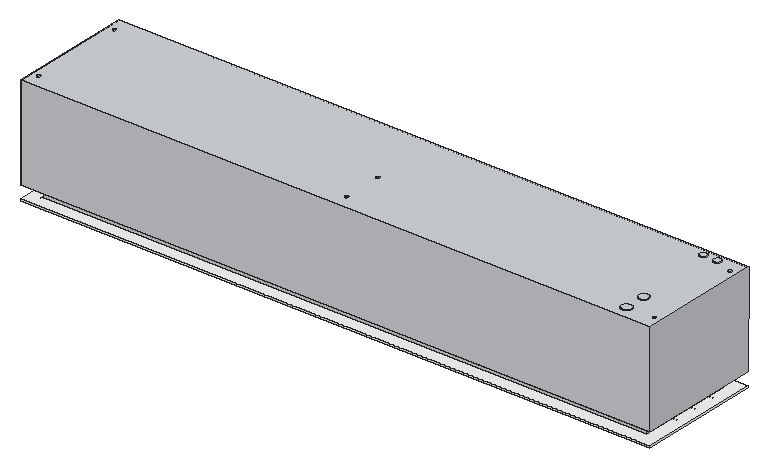
Revit family "T2000R", category Mechanical Equipment, host Ceiling, Revit 2015
Parameters (values of type "T2000W24R 60/40")
  Width = 436 mm
  Weight (kg) = "53"
  Warranty = "Unit flly covered for 2 years from the date of purchase unless the warranty is made void"
  Version = "1.0"
  URL = "http://www.thermoscreens.com/"
  Type Comments = "n/a"
  TempertureClassification = "Low temperture"
  Supply (50Hz) = "230v~3P&N"
  ProductFinish = "Corrision resistent pre-finish white 9000 20 gauge sheet metal"
  Product URL = "http://www.thermoscreens.com/our-product-range/t-range"
  Noise Level dB (A)@ 3m Med = "55"
  Noise Level dB (A)@ 3m Low = "57"
  Noise Level dB (A)@ 3m High = "59"
  Model = "T2000W24R 60/40"
  Max. velocity = "6.5"
  Material = "20g sheet metal"
  Manufacturer = "Thermoscreens"
  Loading(A)*perPhase = "2.0"
  Max. Air Volume (m3/h) = "3950"
  Keynote = "n/a"
  IssueDate = "08/05/2015"
  Heat output (kW) = "24"
  Max ofset = "3 meters from the grill"
  Length = 2240 mm
  HeatSource = "Electric heated elemnts or low pressure hot water coils"
  Fans = "Forward cureved metal bladed crossflow impelllers"
  Description = "Thermoscreens T range air curtains have become the industry standard to meet a wide range of requirements for both commercial and retail environments. The air curtains will provide climate separation for entrances up to 3m in height and available in standard widths of 1, 1.5 and 2m.  Models available are ambient (without heating), electrical or water heated versions. Electrical and LPHW models are supplied complete with Ecopower control."
  Created by = "Daniel Smith"
  Cost = 0
  ContactUs = "http://www.thermoscreens.com/contact-us"
  Center Y = Width / 2  # 218 mm
  Center X = Length / 2  # 1120 mm
  Boundary work space = no
  Assembly Code = "n/a"
  Air flow = no
Types (5, lengths in mm): name | Weight (kg) | Warranty | TempertureClassification | Supply (50Hz) | ProductFinish | Model | Max. velocity | Loading(A)*perPhase | Max. Air Volume (m3/h) | IssueDate | Heat output (kW) | Max ofset | HeatSource | Fans
  T2000E18R | "52" | "Unit fully covered for date of purchase for 2 years inc parts and labour unless the warranty is made void" | "LowTemperture" | "400v~3P&N" | "Corrision resistent pre-finish white 9010 20 gauge sheet metal" | "T2000E18R" | "7.5" | "28.1" | "4000" | "07/25/2015" | "12/18" | "3 meters high from the grill" | "Electric heated elements or low pressure hot water coils" | "Forward curved metal bladed crossflow impellers"
  T2000E24R | "52" | "Unit flly covered for 2 years from the date of purchase unless the warranty is made void" | "Low temperture" | "400v~3P&N" | "Corrision resistent pre-finish white 9000 20 gauge sheet metal" | "T2000E24R" | "7.5" | "36.8" | "4000" | "08/05/2015" | "12/24" | "3 meters from the grill" | "Electric heated elemnts or low pressure hot water coils" | "Forward cureved metal bladed crossflow impelllers"
  T2000AR | "50" | "Unit flly covered for 2 years from the date of purchase unless the warranty is made void" | "Low temperture" | "230v~3P&N" | "Corrision resistent pre-finish white 9000 20 gauge sheet metal" | "T2000AR" | "7.5" | "2.0" | "4000" | "08/05/2015" | "n/a" | "3 meters from the grill" | "Electric heated elemnts or low pressure hot water coils" | "Forward cureved metal bladed crossflow impelllers"
  T2000W24R 82/71 | "53" | "Unit flly covered for 2 years from the date of purchase unless the warranty is made void" | "Low temperture" | "230v~3P&N" | "Corrision resistent pre-finish white 9000 20 gauge sheet metal" | "T2000W24R 82/71" | "7.0" | "2.0" | "3950" | "08/05/2015" | "24" | "3 meters from the grill" | "Electric heated elemnts or low pressure hot water coils" | "Forward cureved metal bladed crossflow impelllers"
  T2000W24R 60/40 | "53" | "Unit flly covered for 2 years from the date of purchase unless the warranty is made void" | "Low temperture" | "230v~3P&N" | "Corrision resistent pre-finish white 9000 20 gauge sheet metal" | "T2000W24R 60/40" | "6.5" | "2.0" | "3950" | "08/05/2015" | "24" | "3 meters from the grill" | "Electric heated elemnts or low pressure hot water coils" | "Forward cureved metal bladed crossflow impelllers"
Reference planes
  plane 1 "Center (Front/Back)": y = 0
  plane 2: z = 0
  plane 3 "Center (Left/Right)": x = 0
  plane 4 "Ceiling": z = 0
  plane 5: y = 218
  plane 6: y = -218
  plane 7: x = 1120
  plane 8: x = -1120
  plane 9: y = 168
  plane 10: y = -168
  plane 11: x = 1072.5
  plane 12: x = -1072.5
  plane 13: z = -7
Forms (mm)
  Extrusion 1, solid, material "grill"
    sketch origin (0, 4, -7) x (0, 1, 0) y (-1, 0, 0)
      loop
        line (218, 1120) -> (-218, 1120) -> (-218, -1120) -> (218, -1120) -> (218, 1120)
    from 0 to 7
  Extrusion 2, solid
    sketch origin (0, 0, -7) x (0, 1, 0) y (-1, 0, 0)
      loop
        line (168, 1072.5) -> (-168, 1072.5) -> (-168, -1072.5) -> (168, -1072.5) -> (168, 1072.5)
    from 7 to 50
  Extrusion 3, solid
    sketch origin (1120, 245, 0) x (0, -1, 0) y (0, 0, -1)
      loop
        line (459, -43) -> (23, -43) -> (23, -378.099) -> (459, -378.099) -> (459, -43)
    from 0 to -1.2
  Extrusion 4, solid
    sketch origin (-1120, 191, 0) x (1, 0, 0) y (0, 0, -1)
      loop
        line (2240, -43) -> (0, -43) -> (0, -378.099) -> (2240, -378.099) -> (2240, -43)
    from 31 to 29.8
  Extrusion 5, solid
    sketch origin (-1120, -245, 0) x (0, 1, 0) y (0, 0, -1)
      loop
        line (467, -378.099) -> (467, -43) -> (31, -43) -> (31, -378.099) -> (467, -378.099)
    from 0 to -1.2
  Extrusion 6, solid
    sketch origin (1120, -191, 0) x (-1, 0, 0) y (0, 0, -1)
      loop
        line (2240, -43) -> (0, -43) -> (0, -378.099) -> (2240, -378.099) -> (2240, -43)
    from 23 to 21.8
  Extrusion 7, solid
    sketch origin (1120, -240, 378.099) x (0, 1, 0) y (-1, 0, 0)
      loop
        line (26, 0) -> (462, 0) -> (462, 2240) -> (26, 2240) -> (26, 0)
    from 0 to -1.2
  Extrusion 8, solid
    sketch origin (1120, -240, 376.899) x (-1, 0, 0) y (0, 1, 0)
      loop
        circle (121, 148) r 17.5
      loop
        circle (121, 72) r 17.5
    from 0 to -1.2
  Extrusion 9, solid
    sketch origin (1120, -240, 378.099) x (0, 1, 0) y (-1, 0, 0)
      loop
        circle (436.609, 90) r 12.5
      loop
        circle (436.609, 139.995) r 12.5
    from 0 to -1.2
  Extrusion 10, solid
    sketch origin (1120, -240, 378.099) x (0, 1, 0) y (-1, 0, 0)
      loop
        circle (412, 2215) r 5
      loop
        circle (76, 2215) r 5
      loop
        circle (76, 1120) r 5
      loop
        circle (412, 25) r 5
      loop
        circle (76, 25) r 5
      loop
        circle (216, 1120) r 5
    from 0 to -1.2
  Extrusion 11, void
    sketch origin (0, 4, -7) x (0, 1, 0) y (-1, 0, 0)
      loop
        line (-178, -1085) -> (-153, -1085) -> (-153, 1080) -> (-178, 1080) -> (-178, -1085)
      loop
        line (-143, 1080) -> (-143, -1085) -> (-118, -1085) -> (-118, 1080) -> (-143, 1080)
      loop
        line (-108, 1080) -> (-108, -1085) -> (-83, -1085) -> (-83, 1080) -> (-108, 1080)
      loop
        line (-63, 1080) -> (-63, -1085) -> (-58, -1085) -> (-58, 1080) -> (-63, 1080)
      loop
        line (-53, 1080) -> (-53, -1085) -> (-48, -1085) -> (-48, 1080) -> (-53, 1080)
      loop
        line (-43.066, 1080) -> (-43.066, -1085) -> (-38.066, -1085) -> (-38.066, 1080) -> (-43.066, 1080)
      loop
        line (-33.066, 1080) -> (-33.066, -1085) -> (-28.066, -1085) -> (-28.066, 1080) -> (-33.066, 1080)
      loop
        line (-23.137, 1080) -> (-23.137, -1085) -> (-18.137, -1085) -> (-18.137, 1080) -> (-23.137, 1080)
      loop
        line (-13.137, 1080) -> (-13.137, -1085) -> (-8.137, -1085) -> (-8.137, 1080) -> (-13.137, 1080)
      loop
        line (-3.203, 1080) -> (-3.203, -1085) -> (1.797, -1085) -> (1.797, 1080) -> (-3.203, 1080)
      loop
        line (6.797, 1080) -> (6.797, -1085) -> (11.797, -1085) -> (11.797, 1080) -> (6.797, 1080)
      loop
        line (17, 1080) -> (17, -1085) -> (22, -1085) -> (22, 1080) -> (17, 1080)
      loop
        line (27, 1080) -> (27, -1085) -> (32, -1085) -> (32, 1080) -> (27, 1080)
      loop
        line (36.934, 1080) -> (36.934, -1085) -> (41.934, -1085) -> (41.934, 1080) -> (36.934, 1080)
      loop
        line (46.934, 1080) -> (46.934, -1085) -> (51.934, -1085) -> (51.934, 1080) -> (46.934, 1080)
      loop
        line (56.863, 1080) -> (56.863, -1085) -> (61.863, -1085) -> (61.863, 1080) -> (56.863, 1080)
      loop
        line (66.863, 1080) -> (66.863, -1085) -> (71.863, -1085) -> (71.863, 1080) -> (66.863, 1080)
      loop
        line (76.797, 1080) -> (76.797, -1085) -> (81.797, -1085) -> (81.797, 1080) -> (76.797, 1080)
      loop
        line (86.797, 1080) -> (86.797, -1085) -> (91.797, -1085) -> (91.797, 1080) -> (86.797, 1080)
      loop
        line (96.783, 1080) -> (96.783, -1085) -> (101.783, -1085) -> (101.783, 1080) -> (96.783, 1080)
      loop
        line (106.783, 1080) -> (106.783, -1085) -> (111.783, -1085) -> (111.783, 1080) -> (106.783, 1080)
      loop
        line (116.717, 1080) -> (116.717, -1085) -> (121.717, -1085) -> (121.717, 1080) -> (116.717, 1080)
      loop
        line (126.717, 1080) -> (126.717, -1085) -> (131.717, -1085) -> (131.717, 1080) -> (126.717, 1080)
      loop
        line (136.645, 1080) -> (136.645, -1085) -> (141.645, -1085) -> (141.645, 1080) -> (136.645, 1080)
      loop
        line (146.645, 1080) -> (146.645, -1085) -> (151.645, -1085) -> (151.645, 1080) -> (146.645, 1080)
      loop
        line (156.58, 1080) -> (156.58, -1085) -> (161.58, -1085) -> (161.58, 1080) -> (156.58, 1080)
      loop
        line (166.58, 1080) -> (166.58, -1085) -> (171.58, -1085) -> (171.58, 1080) -> (166.58, 1080)
    from 0 to 5
  Extrusion 12, solid, material "Default New Material", visible <- "Boundary work space", detail levels fine
    sketch origin (1120, -240, 378.099) x (0, 1, 0) y (-1, 0, 0)
      loop
        line (962, 2740) -> (26, 2740) -> (26, 2240) -> (462, 2240) -> (462, 0) -> (26, 0) -> (26, -500) -> (962, -500) -> (962, 2740)
    from 0 to -378.1
  Extrusion 13, solid, material "Default New Material", visible <- "Air flow", detail levels fine
    sketch origin (0, 4, -7) x (-1, 0, 0) y (0, 1, 0)
      loop
        line (1080, 171.58) -> (-1085, 171.58) -> (-1085, -178) -> (1080, -178) -> (1080, 171.58)
    from 0 to 3000
  Extrusion 14, solid
    sketch origin (-1120, -191, 43) x (0, -1, 0) y (-1, 0, 0)
      loop
        line (-413, 0) -> (-413, -2240) -> (23, -2240) -> (23, 0) -> (-413, 0)
    from 0 to -1.2
Cuts and joins
  Extrusion 11 cuts Extrusion 1
  joined: Extrusion 3, Extrusion 4, Extrusion 5, Extrusion 6, Extrusion 7, Extrusion 14
Dimensions and locks
  equal spacing: host sketch curve, plane 3 "Center (Left/Right)", host sketch curve
  equal spacing: host sketch curve, plane 1 "Center (Front/Back)", host sketch curve
  host sketch curve to host sketch curve = 4000 mm  (x2)
  locked: plane 4 "Ceiling" to host ceiling at 0
  "Center X": plane 8 to plane 3 "Center (Left/Right)"
  "Center Y": plane 1 "Center (Front/Back)" to plane 6
  "Width": plane 5 to plane 6
  "Length": plane 8 to plane 7
  locked: plane 5 to plane 9 at 50
  locked: plane 6 to plane 10 at 50
  locked: plane 11 to plane 7 at 47.5
  locked: plane 8 to plane 12 at 47.5
  locked: Extrusion 3 to Extrusion 8 sketch curve at 121  (x2)
  locked: Extrusion 8 sketch curve to Extrusion 8 sketch curve at 76
  locked: Extrusion 7 to Extrusion 8 sketch curve at 46
  Extrusion 9 sketch curve to Extrusion 9 sketch curve = 49.995 mm
  Extrusion 7 to Extrusion 9 sketch curve = 25.391 mm  (x2)
  Extrusion 9 sketch curve to Extrusion 7 = 90 mm
  level to plane 13 = 7 mm
  locked: Extrusion 8 sketch curve to Extrusion 8 sketch curve (radius 17.5 mm)  (x2)
  diameter of Extrusion 9 sketch curve = 25 mm  (x2)
Automatic sketch dimensions
  plane 6 to Extrusion 1 sketch curve = 4 mm
  plane 5 to Extrusion 1 sketch curve = 4 mm
  Extrusion 1 sketch curve to plane 7 = 0 mm
  Extrusion 1 sketch curve to plane 8 = 0 mm
  Extrusion 2 sketch curve to plane 10 = 0 mm
  plane 9 to Extrusion 2 sketch curve = 0 mm
  Extrusion 2 sketch curve to plane 11 = 0 mm
  Extrusion 2 sketch curve to plane 12 = 0 mm
  Extrusion 7 sketch curve to Extrusion 3 = 0 mm  (x2)
  Extrusion 3 to Extrusion 7 sketch curve = 0 mm
  Extrusion 7 sketch curve to Extrusion 3 = 2238.8 mm
  Extrusion 1 to Extrusion 11 sketch curve = 40 mm  (x3)
  Extrusion 11 sketch curve to Extrusion 11 sketch curve = 25 mm  (x3)
  Extrusion 11 sketch curve to Extrusion 11 sketch curve = 10 mm  (x2)
  Extrusion 11 sketch curve to Extrusion 11 sketch curve = 20 mm
  Extrusion 11 sketch curve to Extrusion 11 sketch curve = 5 mm  (x36)
  Extrusion 11 sketch curve to Extrusion 11 sketch curve = 4.934 mm  (x6)
  Extrusion 11 sketch curve to Extrusion 11 sketch curve = 4.928 mm  (x3)
  Extrusion 11 sketch curve to Extrusion 11 sketch curve = 5.203 mm
  Extrusion 11 sketch curve to Extrusion 11 sketch curve = 4.986 mm
  Extrusion 1 to Extrusion 11 sketch curve = 35 mm  (x2)
  Extrusion 11 sketch curve to Extrusion 11 sketch curve = 0 mm  (x50)
  plane 5 to Extrusion 3 sketch curve = 4 mm
  plane 6 to Extrusion 3 sketch curve = 4 mm
  level to Extrusion 3 sketch curve = 378.099 mm
  level to Extrusion 3 sketch curve = 43 mm
  plane 8 to Extrusion 4 sketch curve = 0 mm
  plane 7 to Extrusion 4 sketch curve = 0 mm
  level to Extrusion 4 sketch curve = 378.099 mm
  level to Extrusion 4 sketch curve = 43 mm
  plane 6 to Extrusion 5 sketch curve = 4 mm
  plane 5 to Extrusion 5 sketch curve = 4 mm
  level to Extrusion 5 sketch curve = 378.099 mm
  level to Extrusion 5 sketch curve = 43 mm
  plane 7 to Extrusion 6 sketch curve = 0 mm
  plane 8 to Extrusion 6 sketch curve = 0 mm
  level to Extrusion 6 sketch curve = 378.099 mm
  level to Extrusion 6 sketch curve = 43 mm
  Extrusion 14 sketch curve to Extrusion 6 = 0 mm  (x2)
  Extrusion 6 to Extrusion 14 sketch curve = 0 mm
  Extrusion 6 to Extrusion 14 sketch curve = 434.8 mm
  Extrusion 7 to Extrusion 12 sketch curve = 0 mm
  Extrusion 12 sketch curve to Extrusion 7 = 0 mm  (x4)
  Extrusion 7 to Extrusion 12 sketch curve = 500 mm  (x2)
  Extrusion 12 sketch curve to Extrusion 12 sketch curve = 500 mm
  Extrusion 1 to Extrusion 13 sketch curve = 40 mm  (x2)
  Extrusion 1 to Extrusion 13 sketch curve = 46.42 mm
  Extrusion 1 to Extrusion 13 sketch curve = 35 mm
  Extrusion 10 sketch curve to Extrusion 10 sketch curve = 140 mm
  Extrusion 10 sketch curve to Extrusion 10 sketch curve = 0 mm
  Extrusion 10 sketch curve to Extrusion 7 = 50 mm  (x5)
  Extrusion 10 sketch curve to Extrusion 10 sketch curve = 1095 mm
  Extrusion 10 sketch curve to Extrusion 7 = 25 mm  (x4)
  radius of Extrusion 10 sketch curve = 5 mm  (x6)
Connectors
  piping at (-1095, 172, 378.099), diameter 10
    settings: on Extrusion 10, index 1, connector inside diameter 609.6 mm, connector length 0 mm, flow factor 0, pipe flow 0.0 L/s, pressure drop 0.0 Pa, fitting loss kfactor 0, connector angle 0.00°, fixture units 0, engagement length 0 mm, angle of deflection 0.00°, flow configuration 0, flow direction 0, fitting loss method 0, system type 28, joint type 0, gender type 0, connector reference index -1, connector utility 0, adjustable connector no, is connector primary yes, connector description ""
  piping at (-1095, -164, 378.099), diameter 10
    settings: on Extrusion 10, index 2, connector inside diameter 609.6 mm, connector length 0 mm, flow factor 0, pipe flow 0.0 L/s, pressure drop 0.0 Pa, fitting loss kfactor 0, connector angle 0.00°, fixture units 0, engagement length 0 mm, angle of deflection 0.00°, flow configuration 0, flow direction 0, fitting loss method 0, system type 28, joint type 0, gender type 0, connector reference index -1, connector utility 0, adjustable connector no, is connector primary no, connector description ""
  piping at (0, -24, 378.099), diameter 10
    settings: on Extrusion 10, index 3, connector inside diameter 609.6 mm, connector length 0 mm, flow factor 0, pipe flow 0.0 L/s, pressure drop 0.0 Pa, fitting loss kfactor 0, connector angle 0.00°, fixture units 0, engagement length 0 mm, angle of deflection 0.00°, flow configuration 0, flow direction 0, fitting loss method 0, system type 28, joint type 0, gender type 0, connector reference index -1, connector utility 0, adjustable connector no, is connector primary no, connector description ""
  piping at (0, -164, 378.099), diameter 10
    settings: on Extrusion 10, index 4, connector inside diameter 609.6 mm, connector length 0 mm, flow factor 0, pipe flow 0.0 L/s, pressure drop 0.0 Pa, fitting loss kfactor 0, connector angle 0.00°, fixture units 0, engagement length 0 mm, angle of deflection 0.00°, flow configuration 0, flow direction 0, fitting loss method 0, system type 28, joint type 0, gender type 0, connector reference index -1, connector utility 0, adjustable connector no, is connector primary no, connector description ""
  piping at (1095, -164, 378.099), diameter 10
    settings: on Extrusion 10, index 5, connector inside diameter 609.6 mm, connector length 0 mm, flow factor 0, pipe flow 0.0 L/s, pressure drop 0.0 Pa, fitting loss kfactor 0, connector angle 0.00°, fixture units 0, engagement length 0 mm, angle of deflection 0.00°, flow configuration 0, flow direction 0, fitting loss method 0, system type 28, joint type 0, gender type 0, connector reference index -1, connector utility 0, adjustable connector no, is connector primary no, connector description ""
  piping at (1095, 172, 378.099), diameter 10
    settings: on Extrusion 10, index 6, connector inside diameter 609.6 mm, connector length 0 mm, flow factor 0, pipe flow 0.0 L/s, pressure drop 0.0 Pa, fitting loss kfactor 0, connector angle 0.00°, fixture units 0, engagement length 0 mm, angle of deflection 0.00°, flow configuration 0, flow direction 0, fitting loss method 0, system type 28, joint type 0, gender type 0, connector reference index -1, connector utility 0, adjustable connector no, is connector primary no, connector description ""
  electrical at (1030, 196.609, 378.099)
    settings: on Extrusion 9, index 7, voltage 0 V, apparent load 0 VA, apparent load phase1 0 VA, apparent load phase2 0 VA, apparent load phase3 0 VA, power factor 1, load classification "Other", number of poles 1, system type 14, power factor state 1, is connector primary yes, connector utility no, sub classification motor no, connector description ""
  electrical at (980.005, 196.609, 378.099)
    settings: on Extrusion 9, index 8, voltage 0 V, apparent load 0 VA, apparent load phase1 0 VA, apparent load phase2 0 VA, apparent load phase3 0 VA, power factor 1, load classification "Other", number of poles 1, system type 14, power factor state 1, is connector primary no, connector utility no, sub classification motor no, connector description ""
  piping at (999, -168, 378.099), diameter 35
    settings: on Extrusion 8, index 9, connector inside diameter 609.6 mm, connector length 0 mm, flow factor 0, pipe flow 0.0 L/s, pressure drop 0.0 Pa, fitting loss kfactor 0, connector angle 0.00°, fixture units 0, engagement length 0 mm, angle of deflection 0.00°, flow configuration 0, flow direction 2, fitting loss method 0, system type 19, joint type 0, gender type 0, connector reference index -1, connector utility 0, adjustable connector no, is connector primary no, connector description ""
  piping at (999, -92, 378.099), diameter 35
    settings: on Extrusion 8, index 10, connector inside diameter 609.6 mm, connector length 0 mm, flow factor 0, pipe flow 0.0 L/s, pressure drop 0.0 Pa, fitting loss kfactor 0, connector angle 0.00°, fixture units 0, engagement length 0 mm, angle of deflection 0.00°, flow configuration 0, flow direction 1, fitting loss method 0, system type 19, joint type 0, gender type 0, connector reference index -1, connector utility 0, adjustable connector no, is connector primary no, connector description ""
